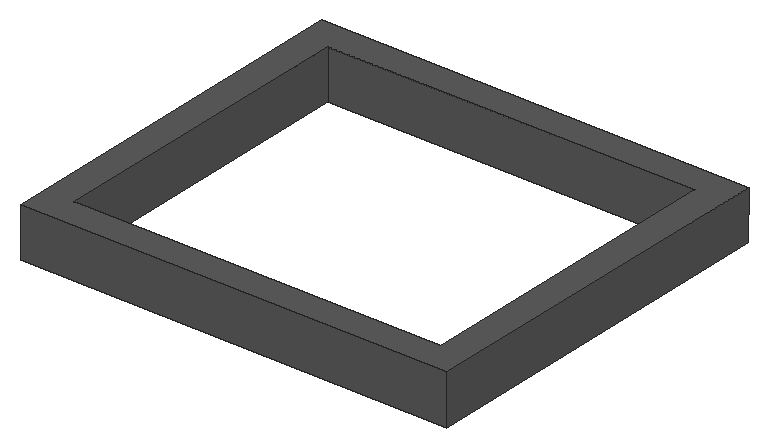
Revit family "FU_Frame_LAP0010", category Furniture, Revit 2022
Family settings
  OmniClass Number = 23.40.20.00
  OmniClass Title = General Furniture and Specialties
  Work Plane-Based = No
  Always vertical = Yes
  Cut with Voids When Loaded = No
  Render Appearance Source = Family Geometry
  Shared = No
  Room Calculation Point = No
Parameters (values of type "LAP0010")
  Width = 430 mm
  URL = "https://www.sandlerseating.com/product/lapse-0010-2/"
  Model = "LAP0010"
  Manufacturer = "Sandler"
  Height = 50 mm
  Frame [instance] = Epoxy - M1_B00 - Black
  Description = "Steel tube frame for 1 seater modular sofa in epoxy finish."
  Depth = 380 mm
  Default Elevation = 0 mm
Reference planes
  plane 1 "Center (Front/Back)": y = 0
  plane 2: z = 0
  plane 3 "Center (Left/Right)": x = 0
  plane 4 "Right": x = -215
  plane 5 "Left": x = 215
  plane 6 "Back": y = 190
  plane 7 "Front": y = -190
  plane 8 "Height": z = 333
  plane 9 "Frame Base": z = 283
  plane 10 "Frame Inner Right": x = -185
  plane 11 "Frame Inner Back": y = 160
  plane 12 "Frame Inner Left": x = 185
  plane 13 "Frame Inner Front": y = -160
Forms (mm)
  Extrusion 1, solid, material "Epoxy - M1_B00 - Black" <- "Frame"
    sketch origin (0, 0, 283) x (-1, 0, 0) y (0, -1, 0)
      loop
        line (215, -190) -> (215, 190) -> (-215, 190) -> (-215, -190) -> (215, -190)
      loop
        line (185, -160) -> (185, 160) -> (-185, 160) -> (-185, -160) -> (185, -160)
    from 0 to 50
Dimensions and locks
  equal spacing: plane 4 "Right", plane 3 "Center (Left/Right)", plane 5 "Left"
  "Width": plane 4 "Right" to plane 5 "Left"
  equal spacing: plane 6 "Back", plane 1 "Center (Front/Back)", plane 7 "Front"
  "Depth": plane 6 "Back" to plane 7 "Front"
  plane 8 "Height" to level = 333 mm
  "Height": plane 8 "Height" to plane 9 "Frame Base"
  locked: plane 13 "Frame Inner Front" to plane 7 "Front" at 30
  locked: plane 4 "Right" to plane 10 "Frame Inner Right" at 30
  locked: plane 12 "Frame Inner Left" to plane 5 "Left" at 30
  locked: plane 6 "Back" to plane 11 "Frame Inner Back" at 30
  aligned and locked: Extrusion 1 sketch curve to plane 6 "Back"
  aligned and locked: Extrusion 1 sketch curve to plane 4 "Right"
  aligned and locked: plane 7 "Front" to Extrusion 1 sketch curve
  aligned and locked: plane 5 "Left" to Extrusion 1 sketch curve
  aligned and locked: Extrusion 1 sketch curve to plane 11 "Frame Inner Back"
  aligned and locked: plane 10 "Frame Inner Right" to Extrusion 1 sketch curve
  aligned and locked: Extrusion 1 sketch curve to plane 13 "Frame Inner Front"
  aligned and locked: plane 12 "Frame Inner Left" to Extrusion 1 sketch curve
  aligned and locked: plane 8 "Height" to Extrusion 1
  aligned and locked: Extrusion 1 to plane 8 "Height"  (x3)
  aligned and locked: Extrusion 1 to plane 9 "Frame Base"
  aligned and locked: plane 9 "Frame Base" to Extrusion 1  (x2)
